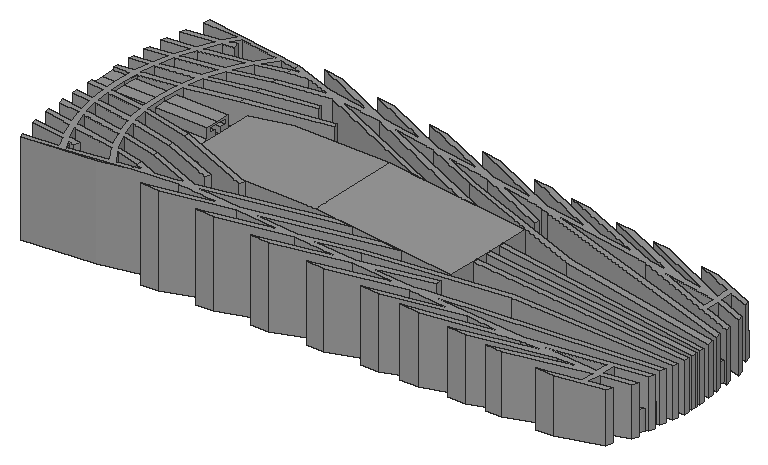
Revit family "Superstreet 340", category Осветительные приборы, Revit 2017 (continued)
Types (11, lengths in mm): name | built-in parameter 1150134 | Файл фотометрической сетки | built-in parameter 1150105 | Lumens | built-in parameter 1150106 | built-in parameter 1150142 | Wattage | built-in parameter 1150107 | Артикул
  Superstreet 340 4.0К Ш23 | 12 | "Superstreet 340-310-LLI23-4.0К-01.ies" | 2729.8 (stored number, unit not read) | 34304 lm | 27.298 (stored number, unit not read) | "ISNA:LM-63-1995\r\n[TEST]LEDEL\r\n[DATA]28.05.2018\r\n[MANUFAC]LEDEL\r\n[LUMCAT]Superstreet 310/310/Ш23/4.0K/01\r\n[LUMINAIRE]Для освещения дорог категорий А и Б, городских улиц и площадей\r\n[LAMPCAT]LED\r\n[LAMP]OSRAM OSLON SQUARE3\r\nTILT=NONE\r\n\r\n1 34304 1.076812 37 37 1 2 0.636 0.256 0.100\r\n\r\n1 1 310\r\n\r\n0 2.5 5 7.5 10 12.5 15 17.5 20 22.5 25 27.5 30 32.5 35 37.5 40 42.5 45 47.5\r\n 50 52.5 55 57.5 60 62.5 65 67.5 70 72.5 75 77.5 80 82.5 85 87.5 90\r\n\r\n90 95 100 105 110 115 120 125 130 135 140 145 150 155 160 165 170 175 180\r\n 185 190 195 200 205 210 215 220 225 230 235 240 245 250 255 260 265 270\r\n\r\n  6505 6715 6903 7090 7263 7421 7579 7740 7887 8037 8172 8337 8495 8656 8878\r\n  9167 9606 9936 9974 9719 9163 8203 6572 4416 2689 1631 1195 958 774 616\r\n  511 388 271 181 106 84 46\r\n  6490 6703 6903 7079 7233 7421 7579 7740 7894 8040 8172 8311 8465 8603 8788\r\n  9002 9321 9674 9922 9952 9659 9048 7947 6183 4101 2432 1480 1064 857 706\r\n  586 451 331 222 136 91 61\r\n  6475 6658 6880 7064 7226 7391 7571 7725 7879 8040 8172 8322 8472 8623 8788\r\n  8972 9253 9594 9839 9899 9674 9123 8097 6360 4259 2571 1555 1124 894 718\r\n  586 451 316 222 136 91 61\r\n  6550 6748 6970 7124 7301 7458 7624 7773 7932 8082 8232 8386 8547 8690 8848\r\n  9027 9314 9587 9764 9761 9471 8876 7714 5749 3591 2138 1375 1064 849 688\r\n  534 421 293 207 121 91 61\r\n  6520 6715 6903 7075 7248 7421 7564 7736 7887 8055 8202 8352 8495 8668 8818\r\n  8968 9156 9407 9644 9764 9734 9430 8735 7427 5371 3356 1916 1229 939 767\r\n  616 478 361 256 143 91 61\r\n  6535 6718 6903 7087 7241 7406 7579 7736 7902 8055 8209 8359 8517 8671 8833\r\n  8987 9193 9441 9689 9884 9914 9731 9186 8061 6024 3630 1901 1199 932 737\r\n  571 414 271 181 113 91 61\r\n  6557 6745 6910 7079 7233 7394 7571 7751 7917 8074 8232 8386 8532 8713 8863\r\n  9020 9201 9429 9719 9966 10147 10095 9779 8969 7286 4652 2314 1319 1044 853\r\n  646 504 376 256 151 106 98\r\n  6640 6805 6970 7124 7256 7421 7601 7773 7932 8097 8255 8412 8585 8743 8908\r\n  9077 9246 9467 9749 10098 10342 10410 10192 9558 8134 5388 2501 1429 1112 883\r\n  684 511 376 256 143 106 91\r\n  6572 6745 6903 7060 7211 7379 7556 7725 7902 8055 8217 8382 8555 8716 8885\r\n  9058 9238 9464 9712 10026 10342 10564 10605 10385 9667 8036 5145 2380 1292 1012\r\n  797 586 406 279 188 121 106\r\n  6580 6733 6888 7034 7188 7334 7526 7706 7871 8037 8187 8349 8502 8671 8848\r\n  9047 9231 9434 9667 9936 10252 10612 10861 10906 10598 9567 7428 4312 1938 1139\r\n  879 635 436 271 181 121 98\r\n  6557 6700 6850 6974 7128 7289 7466 7635 7811 7977 8142 8269 8457 8638 8833\r\n  9055 9246 9479 9674 9929 10252 10639 11033 11363 11462 11004 9697 7327 4259 2034\r\n  1120 760 511 301 196 136 106\r\n  6565 6700 6813 6955 7083 7244 7413 7586 7759 7920 8089 8250 8412 8599 8825\r\n  9062 9283 9512 9742 10026 10395 10777 11184 11660 12010 12074 11552 10085 7661 4626\r\n  2164 1057 624 391 256 192 151\r\n  6587 6700 6805 6925 7060 7226 7383 7571 7744 7908 8074 8232 8405 8626 8863\r\n  9103 9336 9576 9839 10192 10620 11059 11499 11979 12445 12783 12738 11910 10207 7289\r\n  3658 1534 774 463 301 226 203\r\n  6587 6677 6790 6899 7030 7166 7338 7518 7706 7848 8007 8179 8352 8581 8840\r\n  9110 9336 9572 9854 10263 10741 11255 11769 12280 12738 13162 13512 13426 12611 10068\r\n  6279 2733 1022 523 353 267 211\r\n  6595 6693 6775 6880 6985 7139 7316 7469 7654 7815 7969 8145 8337 8581 8863\r\n  9152 9389 9606 9944 10398 10921 11495 12055 12607 13054 13493 13895 14109 13865 11547\r\n  7616 3429 1225 530 346 249 203\r\n  6610 6670 6737 6823 6940 7075 7241 7406 7601 7751 7902 8070 8292 8524 8825\r\n  9110 9359 9599 9952 10417 10981 11570 12152 12704 13242 13745 14248 14695 14849 12986\r\n  8795 3974 1345 553 353 271 218\r\n  6610 6670 6737 6823 6940 7075 7241 7406 7601 7751 7902 8070 8292 8524 8825\r\n  9110 9359 9599 9952 10417 10981 11570 12152 12704 13242 13745 14248 14695 14849 12986\r\n  8795 3974 1345 553 353 271 218\r\n  6625 6651 6685 6748 6850 6959 7105 7241 7406 7575 7736 7920 8149 8434 8765\r\n  9077 9351 9677 10102 10657 11274 11919 12566 13188 13842 14446 14939 15127 14481 11349\r\n  6407 2354 842 481 346 282 226\r\n  6625 6655 6685 6730 6805 6910 7053 7169 7323 7484 7654 7848 8089 8359 8698\r\n  9020 9359 9741 10245 10868 11559 12250 12881 13376 13752 14000 13993 13745 12949 10368\r\n  6429 2685 947 451 316 267 226\r\n  6625 6602 6595 6618 6647 6726 6813 6925 7083 7211 7398 7575 7796 8030 8315\r\n  8664 9043 9457 9937 10493 11094 11665 12145 12438 12566 12528 12400 12183 11762 10543\r\n  7924 4650 2179 916 444 267 166\r\n  6610 6553 6520 6505 6520 6565 6640 6715 6820 6925 7068 7226 7398 7571 7781\r\n  8014 8277 8574 8870 9213 9546 9839 10057 10140 10050 9771 9291 8483 7218 5654\r\n  3936 2388 1277 608 346 214 136\r\n  6610 6553 6520 6505 6520 6565 6640 6715 6820 6925 7068 7226 7398 7571 7781\r\n  8014 8277 8574 8870 9213 9546 9839 10057 10140 10050 9771 9291 8483 7218 5654\r\n  3936 2388 1277 608 346 214 136\r\n  6595 6538 6490 6460 6460 6478 6550 6625 6707 6802 6918 7042 7143 7256 7398\r\n  7541 7676 7865 8044 8262 8472 8581 8585 8404 8067 7635 7023 6098 4965 3653\r\n  2246 1194 669 391 256 174 121\r\n  6587 6505 6460 6414 6399 6414 6452 6512 6565 6640 6730 6802 6865 6895 6955\r\n  6985 7038 7075 7143 7166 7150 7049 6835 6557 6317 6057 5498 4569 3485 2298\r\n  1300 747 519 346 226 139 128\r\n  6587 6478 6414 6384 6339 6362 6354 6384 6429 6471 6490 6505 6505 6478 6460\r\n  6414 6339 6279 6129 5952 5716 5472 5295 5209 5145 4811 4079 3094 2073 1269\r\n  849 601 421 286 196 136 113\r\n  6565 6475 6399 6324 6287 6249 6264 6279 6279 6279 6249 6234 6167 6091 5994\r\n  5877 5678 5430 5160 4886 4657 4525 4469 4477 4379 3946 3162 2204 1420 984\r\n  729 541 391 271 188 132 98\r\n  6557 6448 6339 6283 6234 6197 6159 6144 6114 6069 6009 5949 5859 5727 5551\r\n  5310 5018 4706 4409 4161 4026 3951 3966 3981 3801 3240 2404 1615 1127 860\r\n  676 511 361 256 181 121 98\r\n  6580 6460 6339 6249 6167 6126 6076 6009 5956 5889 5799 5693 5551 5378 5123\r\n  4811 4484 4195 3944 3748 3651 3617 3636 3636 3418 2801 1991 1393 1029 819\r\n  661 488 361 256 181 109 98\r\n  6572 6445 6309 6208 6129 6042 5971 5892 5799 5708 5573 5423 5258 5002 4695\r\n  4375 4049 3801 3575 3455 3410 3440 3463 3410 3110 2482 1765 1239 954 770\r\n  616 466 346 226 143 106 91\r\n  6640 6505 6369 6223 6114 5994 5896 5799 5678 5547 5401 5228 5002 4721 4394\r\n  4078 3801 3560 3388 3294 3275 3317 3365 3252 2975 2471 1780 1239 954 770\r\n  616 470 346 226 151 106 76\r\n  6557 6399 6264 6133 6024 5919 5799 5663 5528 5378 5198 4976 4695 4387 4064\r\n  3789 3553 3365 3238 3197 3223 3290 3245 3075 2787 2302 1690 1176 879 710\r\n  556 436 301 211 143 91 76\r\n  6535 6381 6227 6091 5986 5859 5723 5565 5416 5231 5048 4807 4492 4168 3883\r\n  3621 3395 3230 3147 3151 3230 3275 3192 3020 2742 2321 1773 1243 894 710\r\n  586 451 331 226 151 106 76\r\n  6520 6346 6204 6057 5919 5799 5633 5457 5280 5078 4852 4567 4244 3913 3628\r\n  3399 3215 3113 3080 3140 3230 3215 3125 2990 2697 2201 1623 1191 872 680\r\n  534 391 278 196 128 102 76\r\n  6550 6369 6204 6054 5896 5754 5573 5393 5205 4987 4725 4417 4086 3771 3500\r\n  3290 3117 3050 3065 3140 3170 3155 3125 2963 2577 2035 1480 1074 804 631\r\n  474 361 263 181 121 94 91\r\n  6475 6294 6137 5979 5829 5652 5476 5280 5063 4826 4552 4225 3921 3621 3380\r\n  3185 3050 2990 3035 3110 3132 3140 3095 2858 2396 1855 1382 1025 774 590\r\n  436 316 241 158 121 94 91\r\n  6490 6313 6137 5994 5829 5652 5468 5276 5055 4807 4522 4195 3868 3575 3350\r\n  3143 3027 2975 3020 3061 3080 3113 3065 2858 2419 1885 1390 1029 774 601\r\n  429 304 218 151 121 102 98\r\n  6505 6313 6152 5994 5844 5652 5468 5273 5048 4784 4484 4161 3846 3549 3313\r\n  3125 3020 2975 3020 3050 3095 3113 3050 2783 2329 1806 1337 1010 752 563\r\n  429 304 218 139 121 91 76\r\n\r\n" | 230.938 W | 4000 (stored number, unit not read) | ""
  Superstreet 340 5.0К Ш23 | 2 | "Superstreet 340-310-LLI23-5.0К-01.ies" | 2729.8 (stored number, unit not read) | 34304 lm | 27.298 (stored number, unit not read) | "ISNA:LM-63-1995\r\n[TEST]LEDEL\r\n[DATA]28.05.2018\r\n[MANUFAC]LEDEL\r\n[LUMCAT]Superstreet 310/310/Ш23/5.0K/01\r\n[LUMINAIRE]Для освещения дорог категорий А и Б, городских улиц и площадей\r\n[LAMPCAT]LED\r\n[LAMP]OSRAM OSLON SQUARE3\r\nTILT=NONE\r\n\r\n1 34304 1.076812 37 37 1 2 0.636 0.256 0.100\r\n\r\n1 1 310\r\n\r\n0 2.5 5 7.5 10 12.5 15 17.5 20 22.5 25 27.5 30 32.5 35 37.5 40 42.5 45 47.5\r\n 50 52.5 55 57.5 60 62.5 65 67.5 70 72.5 75 77.5 80 82.5 85 87.5 90\r\n\r\n90 95 100 105 110 115 120 125 130 135 140 145 150 155 160 165 170 175 180\r\n 185 190 195 200 205 210 215 220 225 230 235 240 245 250 255 260 265 270\r\n\r\n  6505 6715 6903 7090 7263 7421 7579 7740 7887 8037 8172 8337 8495 8656 8878\r\n  9167 9606 9936 9974 9719 9163 8203 6572 4416 2689 1631 1195 958 774 616\r\n  511 388 271 181 106 84 46\r\n  6490 6703 6903 7079 7233 7421 7579 7740 7894 8040 8172 8311 8465 8603 8788\r\n  9002 9321 9674 9922 9952 9659 9048 7947 6183 4101 2432 1480 1064 857 706\r\n  586 451 331 222 136 91 61\r\n  6475 6658 6880 7064 7226 7391 7571 7725 7879 8040 8172 8322 8472 8623 8788\r\n  8972 9253 9594 9839 9899 9674 9123 8097 6360 4259 2571 1555 1124 894 718\r\n  586 451 316 222 136 91 61\r\n  6550 6748 6970 7124 7301 7458 7624 7773 7932 8082 8232 8386 8547 8690 8848\r\n  9027 9314 9587 9764 9761 9471 8876 7714 5749 3591 2138 1375 1064 849 688\r\n  534 421 293 207 121 91 61\r\n  6520 6715 6903 7075 7248 7421 7564 7736 7887 8055 8202 8352 8495 8668 8818\r\n  8968 9156 9407 9644 9764 9734 9430 8735 7427 5371 3356 1916 1229 939 767\r\n  616 478 361 256 143 91 61\r\n  6535 6718 6903 7087 7241 7406 7579 7736 7902 8055 8209 8359 8517 8671 8833\r\n  8987 9193 9441 9689 9884 9914 9731 9186 8061 6024 3630 1901 1199 932 737\r\n  571 414 271 181 113 91 61\r\n  6557 6745 6910 7079 7233 7394 7571 7751 7917 8074 8232 8386 8532 8713 8863\r\n  9020 9201 9429 9719 9966 10147 10095 9779 8969 7286 4652 2314 1319 1044 853\r\n  646 504 376 256 151 106 98\r\n  6640 6805 6970 7124 7256 7421 7601 7773 7932 8097 8255 8412 8585 8743 8908\r\n  9077 9246 9467 9749 10098 10342 10410 10192 9558 8134 5388 2501 1429 1112 883\r\n  684 511 376 256 143 106 91\r\n  6572 6745 6903 7060 7211 7379 7556 7725 7902 8055 8217 8382 8555 8716 8885\r\n  9058 9238 9464 9712 10026 10342 10564 10605 10385 9667 8036 5145 2380 1292 1012\r\n  797 586 406 279 188 121 106\r\n  6580 6733 6888 7034 7188 7334 7526 7706 7871 8037 8187 8349 8502 8671 8848\r\n  9047 9231 9434 9667 9936 10252 10612 10861 10906 10598 9567 7428 4312 1938 1139\r\n  879 635 436 271 181 121 98\r\n  6557 6700 6850 6974 7128 7289 7466 7635 7811 7977 8142 8269 8457 8638 8833\r\n  9055 9246 9479 9674 9929 10252 10639 11033 11363 11462 11004 9697 7327 4259 2034\r\n  1120 760 511 301 196 136 106\r\n  6565 6700 6813 6955 7083 7244 7413 7586 7759 7920 8089 8250 8412 8599 8825\r\n  9062 9283 9512 9742 10026 10395 10777 11184 11660 12010 12074 11552 10085 7661 4626\r\n  2164 1057 624 391 256 192 151\r\n  6587 6700 6805 6925 7060 7226 7383 7571 7744 7908 8074 8232 8405 8626 8863\r\n  9103 9336 9576 9839 10192 10620 11059 11499 11979 12445 12783 12738 11910 10207 7289\r\n  3658 1534 774 463 301 226 203\r\n  6587 6677 6790 6899 7030 7166 7338 7518 7706 7848 8007 8179 8352 8581 8840\r\n  9110 9336 9572 9854 10263 10741 11255 11769 12280 12738 13162 13512 13426 12611 10068\r\n  6279 2733 1022 523 353 267 211\r\n  6595 6693 6775 6880 6985 7139 7316 7469 7654 7815 7969 8145 8337 8581 8863\r\n  9152 9389 9606 9944 10398 10921 11495 12055 12607 13054 13493 13895 14109 13865 11547\r\n  7616 3429 1225 530 346 249 203\r\n  6610 6670 6737 6823 6940 7075 7241 7406 7601 7751 7902 8070 8292 8524 8825\r\n  9110 9359 9599 9952 10417 10981 11570 12152 12704 13242 13745 14248 14695 14849 12986\r\n  8795 3974 1345 553 353 271 218\r\n  6610 6670 6737 6823 6940 7075 7241 7406 7601 7751 7902 8070 8292 8524 8825\r\n  9110 9359 9599 9952 10417 10981 11570 12152 12704 13242 13745 14248 14695 14849 12986\r\n  8795 3974 1345 553 353 271 218\r\n  6625 6651 6685 6748 6850 6959 7105 7241 7406 7575 7736 7920 8149 8434 8765\r\n  9077 9351 9677 10102 10657 11274 11919 12566 13188 13842 14446 14939 15127 14481 11349\r\n  6407 2354 842 481 346 282 226\r\n  6625 6655 6685 6730 6805 6910 7053 7169 7323 7484 7654 7848 8089 8359 8698\r\n  9020 9359 9741 10245 10868 11559 12250 12881 13376 13752 14000 13993 13745 12949 10368\r\n  6429 2685 947 451 316 267 226\r\n  6625 6602 6595 6618 6647 6726 6813 6925 7083 7211 7398 7575 7796 8030 8315\r\n  8664 9043 9457 9937 10493 11094 11665 12145 12438 12566 12528 12400 12183 11762 10543\r\n  7924 4650 2179 916 444 267 166\r\n  6610 6553 6520 6505 6520 6565 6640 6715 6820 6925 7068 7226 7398 7571 7781\r\n  8014 8277 8574 8870 9213 9546 9839 10057 10140 10050 9771 9291 8483 7218 5654\r\n  3936 2388 1277 608 346 214 136\r\n  6610 6553 6520 6505 6520 6565 6640 6715 6820 6925 7068 7226 7398 7571 7781\r\n  8014 8277 8574 8870 9213 9546 9839 10057 10140 10050 9771 9291 8483 7218 5654\r\n  3936 2388 1277 608 346 214 136\r\n  6595 6538 6490 6460 6460 6478 6550 6625 6707 6802 6918 7042 7143 7256 7398\r\n  7541 7676 7865 8044 8262 8472 8581 8585 8404 8067 7635 7023 6098 4965 3653\r\n  2246 1194 669 391 256 174 121\r\n  6587 6505 6460 6414 6399 6414 6452 6512 6565 6640 6730 6802 6865 6895 6955\r\n  6985 7038 7075 7143 7166 7150 7049 6835 6557 6317 6057 5498 4569 3485 2298\r\n  1300 747 519 346 226 139 128\r\n  6587 6478 6414 6384 6339 6362 6354 6384 6429 6471 6490 6505 6505 6478 6460\r\n  6414 6339 6279 6129 5952 5716 5472 5295 5209 5145 4811 4079 3094 2073 1269\r\n  849 601 421 286 196 136 113\r\n  6565 6475 6399 6324 6287 6249 6264 6279 6279 6279 6249 6234 6167 6091 5994\r\n  5877 5678 5430 5160 4886 4657 4525 4469 4477 4379 3946 3162 2204 1420 984\r\n  729 541 391 271 188 132 98\r\n  6557 6448 6339 6283 6234 6197 6159 6144 6114 6069 6009 5949 5859 5727 5551\r\n  5310 5018 4706 4409 4161 4026 3951 3966 3981 3801 3240 2404 1615 1127 860\r\n  676 511 361 256 181 121 98\r\n  6580 6460 6339 6249 6167 6126 6076 6009 5956 5889 5799 5693 5551 5378 5123\r\n  4811 4484 4195 3944 3748 3651 3617 3636 3636 3418 2801 1991 1393 1029 819\r\n  661 488 361 256 181 109 98\r\n  6572 6445 6309 6208 6129 6042 5971 5892 5799 5708 5573 5423 5258 5002 4695\r\n  4375 4049 3801 3575 3455 3410 3440 3463 3410 3110 2482 1765 1239 954 770\r\n  616 466 346 226 143 106 91\r\n  6640 6505 6369 6223 6114 5994 5896 5799 5678 5547 5401 5228 5002 4721 4394\r\n  4078 3801 3560 3388 3294 3275 3317 3365 3252 2975 2471 1780 1239 954 770\r\n  616 470 346 226 151 106 76\r\n  6557 6399 6264 6133 6024 5919 5799 5663 5528 5378 5198 4976 4695 4387 4064\r\n  3789 3553 3365 3238 3197 3223 3290 3245 3075 2787 2302 1690 1176 879 710\r\n  556 436 301 211 143 91 76\r\n  6535 6381 6227 6091 5986 5859 5723 5565 5416 5231 5048 4807 4492 4168 3883\r\n  3621 3395 3230 3147 3151 3230 3275 3192 3020 2742 2321 1773 1243 894 710\r\n  586 451 331 226 151 106 76\r\n  6520 6346 6204 6057 5919 5799 5633 5457 5280 5078 4852 4567 4244 3913 3628\r\n  3399 3215 3113 3080 3140 3230 3215 3125 2990 2697 2201 1623 1191 872 680\r\n  534 391 278 196 128 102 76\r\n  6550 6369 6204 6054 5896 5754 5573 5393 5205 4987 4725 4417 4086 3771 3500\r\n  3290 3117 3050 3065 3140 3170 3155 3125 2963 2577 2035 1480 1074 804 631\r\n  474 361 263 181 121 94 91\r\n  6475 6294 6137 5979 5829 5652 5476 5280 5063 4826 4552 4225 3921 3621 3380\r\n  3185 3050 2990 3035 3110 3132 3140 3095 2858 2396 1855 1382 1025 774 590\r\n  436 316 241 158 121 94 91\r\n  6490 6313 6137 5994 5829 5652 5468 5276 5055 4807 4522 4195 3868 3575 3350\r\n  3143 3027 2975 3020 3061 3080 3113 3065 2858 2419 1885 1390 1029 774 601\r\n  429 304 218 151 121 102 98\r\n  6505 6313 6152 5994 5844 5652 5468 5273 5048 4784 4484 4161 3846 3549 3313\r\n  3125 3020 2975 3020 3050 3095 3113 3050 2783 2329 1806 1337 1010 752 563\r\n  429 304 218 139 121 91 76\r\n\r\n" | 230.938 W | 5000 (stored number, unit not read) | ""
